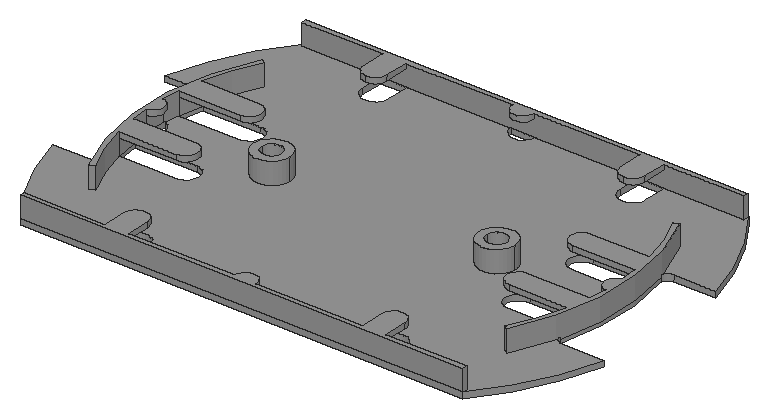
Revit family "ITK_Сплайс-кассета на 32 КДЗС", category Обобщенные модели, Revit 2019
Family settings
  Может служить основой для арматурных стержней = Нет
  Размер круглого соединителя = Использовать диаметр
  Тип детали = Нормальный
  На основе рабочей плоскости = Нет
  Всегда вертикально = Да
  При загрузке вырезать с полостями = Нет
  Общий = Нет
  Точка расчета площади = Нет
Parameters (values of type "FOSK-32")
  Ширина = 196 mm
  Степень защиты = ""
  Материал = Окраска - RAL 9005
  Изготовитель = "ITK"  # constant formula
  Дата изменения = ""
  Тип монтажа = ""  # constant formula
  Глубина = 127 mm
  Высота = 13.5 mm
  URL = "https://www.iek.ru/"
  KSI_CPr_Строительные изделия = "61.1.04.08"  # constant formula
  KSI_CMa_Строительные материалы = "01.7.14.03"  # constant formula
  IEK_Цена за единицу = 82.76
  IEK_Поиск в таблице имен = ""
  IEK_Описание = "Изготовлены из высококачественных материалов.\r\nСоответствие международным стандартам и ГОСТ Р."
  IEK_URL = "https://www.itk-group.ru/produktsiya/catalog/oborudovanie_telekommunikatsionnoe/komponenty_sks_opticheskie/komponenty_sks_opticheskie/opticheskie_krossy_19/itk_cplays_kasseta_na_32_kdzs"
  ADSK_Примечание = ""
  ADSK_Позиция [instance] = ""
  ADSK_Наименование = "IITK Cплайс-кассета на 32 КДЗС"
  ADSK_Материал обозначение = ""
  ADSK_Материал наименование = "Пластик"  # constant formula
  ADSK_Масса = 0
  ADSK_Марка = ""  # constant formula
  ADSK_Код изделия = "FOSK-32"
  ADSK_Завод-изготовитель = "IEK"  # constant formula
  ADSK_Единица измерения = "шт"  # constant formula
  ADSK_Группирование = "I. ЩИТЫ И ПУЛЬТЫ"  # constant formula
  ADSK_Версия семейства = "1.0"  # constant formula
  ADSK_Версия Revit = "2019"  # constant formula
  ADSK_URL страницы изделия = "https://www.itk-group.ru/produktsiya/catalog/oborudovanie_telekommunikatsionnoe/komponenty_sks_opticheskie/komponenty_sks_opticheskie/opticheskie_krossy_19/?pagec=30"
Reference planes
  plane 1 "По центру (Вперед/Назад)": y = 0
  plane 2: z = 0
  plane 3 "По центру (Влево/Вправо)": x = 0
  plane 4: y = 63.5
  plane 5: y = -63.5
  plane 6: x = -101.542
  plane 7: x = 101.542
  plane 8: z = 9.5
Forms (mm)
  Extrusion 1, solid, material "Окраска - RAL 9005" <- "Материал", detail levels fine
    sketch origin (0, 0, 0) x (1, 0, 0) y (0, 1, 0)
      loop
        arc (-78.541, 63.5) -> (-90.361, 45.335) -> (-97.857, 25) r 97.095
        line (-97.857, 25) -> (-83.005, 25)
        arc (-83.005, 25) -> (-81.123, 24.221) -> (-80.343, 22.339) r 2.661
        arc (-80.343, 22.339) -> (-83.445, 0) -> (-80.343, -22.339) r 81.996
        arc (-80.343, -22.339) -> (-81.123, -24.221) -> (-83.005, -25) r 2.661
        line (-83.005, -25) -> (-97.857, -25)
        arc (-97.857, -25) -> (-90.361, -45.335) -> (-78.541, -63.5) r 97.095
        line (-78.541, -63.5) -> (78.541, -63.5)
        arc (78.541, -63.5) -> (90.361, -45.335) -> (97.857, -25) r 97.095
        line (97.857, -25) -> (83.005, -25)
        arc (83.005, -25) -> (81.123, -24.221) -> (80.343, -22.339) r 2.661
        arc (80.343, -22.339) -> (83.445, 0) -> (80.343, 22.339) r 81.996
        arc (80.343, 22.339) -> (81.123, 24.221) -> (83.005, 25) r 2.661
        line (83.005, 25) -> (97.857, 25)
        arc (97.857, 25) -> (90.361, 45.335) -> (78.541, 63.5) r 97.095
        line (78.541, 63.5) -> (-78.541, 63.5)
      loop
        line (-59.15, -9.45) -> (-81.152, -9.45)
        arc (-81.152, -9.45) -> (-80.612, -14.201) -> (-79.496, -18.85) r 39.009
        line (-79.496, -18.85) -> (-59.15, -18.85)
        arc (-59.15, -18.85) -> (-54.45, -14.15) -> (-59.15, -9.45) r 4.7
      loop
        line (-81.152, 9.45) -> (-59.15, 9.45)
        arc (-59.15, 9.45) -> (-54.45, 14.15) -> (-59.15, 18.85) r 4.7
        line (-59.15, 18.85) -> (-79.496, 18.85)
        arc (-79.496, 18.85) -> (-80.612, 14.201) -> (-81.152, 9.45) r 39.009
      loop
        line (59.15, -18.85) -> (79.496, -18.85)
        arc (79.496, -18.85) -> (80.612, -14.201) -> (81.152, -9.45) r 39.009
        line (81.152, -9.45) -> (59.15, -9.45)
        arc (59.15, -9.45) -> (54.45, -14.15) -> (59.15, -18.85) r 4.7
      loop
        line (59.15, 9.45) -> (81.152, 9.45)
        arc (81.152, 9.45) -> (80.612, 14.201) -> (79.496, 18.85) r 39.009
        line (79.496, 18.85) -> (59.15, 18.85)
        arc (59.15, 18.85) -> (54.45, 14.15) -> (59.15, 9.45) r 4.7
      loop
        line (-50.45, 61.7) -> (-50.45, 53.25)
        arc (-50.45, 53.25) -> (-45.75, 48.55) -> (-41.05, 53.25) r 4.7
        line (-41.05, 53.25) -> (-41.05, 61.7) -> (-50.45, 61.7)
      loop
        line (50.45, 53.25) -> (50.45, 61.7) -> (41.05, 61.7) -> (41.05, 53.25)
        arc (41.05, 53.25) -> (45.75, 48.55) -> (50.45, 53.25) r 4.7
      loop
        line (-50.45, -53.25) -> (-50.45, -61.7) -> (-41.05, -61.7) -> (-41.05, -53.25)
        arc (-41.05, -53.25) -> (-45.75, -48.55) -> (-50.45, -53.25) r 4.7
      loop
        line (50.45, -61.7) -> (50.45, -53.25)
        arc (50.45, -53.25) -> (45.75, -48.55) -> (41.05, -53.25) r 4.7
        line (41.05, -53.25) -> (41.05, -61.7) -> (50.45, -61.7)
      loop
        arc (-4.4, 61.7) -> (0, 57.3) -> (4.4, 61.7) r 4.4
        line (4.4, 61.7) -> (-4.4, 61.7)
      loop
        line (-4.4, -61.7) -> (4.4, -61.7)
        arc (4.4, -61.7) -> (0, -57.3) -> (-4.4, -61.7) r 4.4
      loop
        arc (-81.569, -4.369) -> (-78.039, -0.013) -> (-81.569, 4.343) r 4.453
        arc (-81.569, 4.343) -> (-81.698, -0.013) -> (-81.569, -4.369) r 73.448
      loop
        arc (81.569, -4.369) -> (81.698, -0.013) -> (81.569, 4.343) r 73.448
        arc (81.569, 4.343) -> (78.039, -0.013) -> (81.569, -4.369) r 4.453
      loop
        circle (-40.012, 0) r 6.369
      loop
        circle (40.012, 0) r 6.369
    from 0 to 2
  Extrusion 2, solid, material "Окраска - RAL 9005" <- "Материал", detail levels fine
    sketch origin (0, 0, 0) x (1, 0, 0) y (0, 1, 0)
      loop
        line (3.85, 61.7) -> (41.6, 61.7) -> (41.6, 53.25)
        arc (41.6, 53.25) -> (42.816, 50.316) -> (45.75, 49.1) r 4.15
        arc (45.75, 49.1) -> (48.684, 50.316) -> (49.9, 53.25) r 4.15
        line (49.9, 53.25) -> (49.9, 61.7) -> (78.541, 61.7) -> (78.541, 63.5) -> (-78.541, 63.5) -> (-78.541, 61.7) -> (-49.9, 61.7) -> (-49.9, 53.25)
        arc (-49.9, 53.25) -> (-48.684, 50.316) -> (-45.75, 49.1) r 4.15
        arc (-45.75, 49.1) -> (-42.816, 50.316) -> (-41.6, 53.25) r 4.15
        line (-41.6, 53.25) -> (-41.6, 61.7) -> (-3.85, 61.7)
        arc (-3.85, 61.7) -> (0, 57.85) -> (3.85, 61.7) r 3.85
      loop
        arc (3.85, -61.7) -> (0, -57.85) -> (-3.85, -61.7) r 3.85
        line (-3.85, -61.7) -> (-41.6, -61.7) -> (-41.6, -53.25)
        arc (-41.6, -53.25) -> (-42.816, -50.316) -> (-45.75, -49.1) r 4.15
        arc (-45.75, -49.1) -> (-48.684, -50.316) -> (-49.9, -53.25) r 4.15
        line (-49.9, -53.25) -> (-49.9, -61.7) -> (-78.541, -61.7) -> (-78.541, -63.5) -> (78.541, -63.5) -> (78.541, -61.7) -> (49.9, -61.7) -> (49.9, -53.25)
        arc (49.9, -53.25) -> (48.684, -50.316) -> (45.75, -49.1) r 4.15
        arc (45.75, -49.1) -> (42.816, -50.316) -> (41.6, -53.25) r 4.15
        line (41.6, -53.25) -> (41.6, -61.7) -> (3.85, -61.7)
    from 2 to 9.5
  Extrusion 3, void
    sketch origin (0, 0, 0) x (0, 1, 0) y (0, 0, 1)
      loop
        line (49.1, 7.7) -> (49.1, 2) -> (61.7, 2) -> (61.7, 7.7) -> (49.1, 7.7)
      loop
        line (-49.1, 7.7) -> (-61.7, 7.7) -> (-61.7, 2) -> (-49.1, 2) -> (-49.1, 7.7)
    from -78.541 to 78.541
  Extrusion 4, solid, material "Окраска - RAL 9005" <- "Материал", detail levels fine
    sketch origin (0, 0, 0) x (1, 0, 0) y (0, 1, 0)
      loop
        line (-59.15, 18.3) -> (-79.624, 18.3)
        arc (-79.624, 18.3) -> (-76.722, 28.082) -> (-72.624, 37.425) r 81.7
        line (-72.624, 37.425) -> (-74.224, 38.25)
        arc (-74.224, 38.25) -> (-83.5, 0) -> (-74.224, -38.25) r 83.5
        line (-74.224, -38.25) -> (-72.624, -37.425)
        arc (-72.624, -37.425) -> (-76.722, -28.082) -> (-79.624, -18.3) r 81.7
        line (-79.624, -18.3) -> (-59.15, -18.3)
        arc (-59.15, -18.3) -> (-55, -14.15) -> (-59.15, -10) r 4.15
        line (-59.15, -10) -> (-81.086, -10)
        arc (-81.086, -10) -> (-81.409, -6.894) -> (-81.613, -3.779) r 81.7
        arc (-81.613, -3.779) -> (-78.5, 0) -> (-81.613, 3.779) r 3.85
        arc (-81.613, 3.779) -> (-81.409, 6.894) -> (-81.086, 10) r 81.7
        line (-81.086, 10) -> (-59.15, 10)
        arc (-59.15, 10) -> (-55, 14.15) -> (-59.15, 18.3) r 4.15
      loop
        arc (59.15, 18.3) -> (55, 14.15) -> (59.15, 10) r 4.15
        line (59.15, 10) -> (81.086, 10)
        arc (81.086, 10) -> (81.409, 6.894) -> (81.613, 3.779) r 81.7
        arc (81.613, 3.779) -> (78.5, 0) -> (81.613, -3.779) r 3.85
        arc (81.613, -3.779) -> (81.409, -6.894) -> (81.086, -10) r 81.7
        line (81.086, -10) -> (59.15, -10)
        arc (59.15, -10) -> (55, -14.15) -> (59.15, -18.3) r 4.15
        line (59.15, -18.3) -> (79.624, -18.3)
        arc (79.624, -18.3) -> (76.722, -28.082) -> (72.624, -37.425) r 81.7
        line (72.624, -37.425) -> (74.224, -38.25)
        arc (74.224, -38.25) -> (83.5, 0) -> (74.224, 38.25) r 83.5
        line (74.224, 38.25) -> (72.624, 37.425)
        arc (72.624, 37.425) -> (76.722, 28.082) -> (79.624, 18.3) r 81.7
        line (79.624, 18.3) -> (59.15, 18.3)
    from 9.5 to 1.5
  Extrusion 5, void
    sketch origin (0, 0, 0) x (1, 0, 0) y (0, 1, 0)
      loop
        arc (-79.494, 18.85) -> (-81.698, 0) -> (-79.494, -18.85) r 81.713
        line (-79.494, -18.85) -> (-51.859, -18.85) -> (-51.859, 18.85) -> (-79.494, 18.85)
      loop
        line (79.494, 18.85) -> (51.859, 18.85) -> (51.859, -18.85) -> (79.494, -18.85)
        arc (79.494, -18.85) -> (81.698, 0) -> (79.494, 18.85) r 81.713
    from 7.7 to 1.5
  Extrusion 6, solid, material "Окраска - RAL 9005" <- "Материал", detail levels fine
    sketch origin (0, 0, 0) x (1, 0, 0) y (0, 1, 0)
      loop
        circle (-40.012, 0) r 6.369
      loop
        circle (-40.012, 0) r 3.549
      loop
        circle (40.012, 0) r 6.369
      loop
        circle (40.012, 0) r 3.549
    from -2 to 9.5
  Extrusion 7, solid, material "Условный материал-отделка", detail levels coarse+medium
    sketch origin (0, 0, 0) x (1, 0, 0) y (0, 1, 0)
      loop
        line (-101.542, 63.5) -> (-101.542, -63.5) -> (101.542, -63.5) -> (101.542, 63.5) -> (-101.542, 63.5)
    from 0 to 13.5 <- "Высота"
Cuts and joins
  Extrusion 3 cuts Extrusion 1
  Extrusion 3 cuts Extrusion 2
  Extrusion 5 cuts Extrusion 4
Dimensions and locks
  plane 6 to plane 7 = 203.084 mm
  equal spacing: plane 5, plane 1 "По центру (Вперед/Назад)", plane 4
  "Глубина": plane 5 to plane 4
  aligned and locked: level to plane 2
Automatic sketch dimensions
  plane 5 to Extrusion 1 sketch curve = 0 mm
  Extrusion 1 sketch curve to plane 4 = 0 mm
  plane 1 "По центру (Вперед/Назад)" to Extrusion 1 sketch curve = 0 mm  (x4)
  Extrusion 1 sketch curve to plane 3 "По центру (Влево/Вправо)" = 0 mm  (x2)
  Extrusion 1 sketch curve to plane 3 "По центру (Влево/Вправо)" = 1.449 mm
  Extrusion 1 sketch curve to Extrusion 1 sketch curve = 2.127 mm  (x4)
  Extrusion 1 sketch curve to plane 5 = 1.8 mm  (x3)
  Extrusion 1 sketch curve to plane 3 "По центру (Влево/Вправо)" = 4.4 mm  (x2)
  Extrusion 1 sketch curve to plane 4 = 1.8 mm  (x3)
  plane 1 "По центру (Вперед/Назад)" to Extrusion 1 sketch curve = 0.013 mm  (x4)
  Extrusion 1 sketch curve to Extrusion 1 sketch curve = 4.675 mm  (x2)
  Extrusion 1 sketch curve to Extrusion 1 sketch curve = 31.762 mm  (x2)
  Extrusion 1 sketch curve to plane 4 = 10.25 mm
  Extrusion 1 sketch curve to Extrusion 1 sketch curve = 36.65 mm  (x4)
  Extrusion 1 sketch curve to Extrusion 1 sketch curve = 2.183 mm  (x4)
  Extrusion 1 sketch curve to Extrusion 1 sketch curve = 4.7 mm  (x6)
  Extrusion 1 sketch curve to Extrusion 1 sketch curve = 16.955 mm  (x4)
  plane 6 to Extrusion 1 sketch curve = 23.001 mm  (x2)
  Extrusion 1 sketch curve to Extrusion 1 sketch curve = 20.346 mm  (x4)
  Extrusion 1 sketch curve to Extrusion 1 sketch curve = 1.656 mm  (x4)
  Extrusion 1 sketch curve to Extrusion 1 sketch curve = 1.34 mm  (x2)
  Extrusion 1 sketch curve to Extrusion 1 sketch curve = 3.509 mm  (x4)
  plane 6 to Extrusion 1 sketch curve = 3.685 mm  (x2)
  plane 3 "По центру (Влево/Вправо)" to Extrusion 1 sketch curve = 1.449 mm
  Extrusion 1 sketch curve to plane 1 "По центру (Вперед/Назад)" = 9.45 mm  (x2)
  plane 7 to Extrusion 1 sketch curve = 23.001 mm  (x2)
  plane 7 to Extrusion 1 sketch curve = 3.685 mm  (x2)
  Extrusion 1 sketch curve to Extrusion 1 sketch curve = 8.45 mm  (x3)
  plane 1 "По центру (Вперед/Назад)" to Extrusion 1 sketch curve = 25 mm  (x2)
  Extrusion 1 sketch curve to Extrusion 1 sketch curve = 2.661 mm  (x2)
  Extrusion 1 sketch curve to Extrusion 1 sketch curve = 3.489 mm
  plane 1 "По центру (Вперед/Назад)" to Extrusion 1 sketch curve = 18.85 mm
  Extrusion 1 sketch curve to plane 1 "По центру (Вперед/Назад)" = 1.794 mm  (x2)
  Extrusion 1 sketch curve to plane 1 "По центру (Вперед/Назад)" = 7.433 mm  (x2)
  Extrusion 1 sketch curve to Extrusion 1 sketch curve = 0.923 mm  (x2)
  plane 1 "По центру (Вперед/Назад)" to Extrusion 1 sketch curve = 4.369 mm  (x2)
  Extrusion 2 sketch curve to Extrusion 2 sketch curve = 0 mm  (x8)
  plane 5 to Extrusion 2 sketch curve = 0 mm
  Extrusion 2 sketch curve to plane 4 = 0 mm
  Extrusion 2 sketch curve to plane 3 "По центру (Влево/Вправо)" = 0 mm  (x2)
  Extrusion 2 sketch curve to plane 4 = 1.8 mm  (x3)
  Extrusion 2 sketch curve to plane 3 "По центру (Влево/Вправо)" = 3.85 mm  (x2)
  Extrusion 2 sketch curve to plane 5 = 1.8 mm  (x3)
  Extrusion 2 sketch curve to Extrusion 2 sketch curve = 37.75 mm  (x4)
  Extrusion 2 sketch curve to plane 5 = 10.25 mm
  Extrusion 2 sketch curve to Extrusion 2 sketch curve = 4.15 mm  (x4)
  plane 6 to Extrusion 2 sketch curve = 23.001 mm  (x2)
  plane 7 to Extrusion 2 sketch curve = 23.001 mm  (x2)
  Extrusion 2 sketch curve to Extrusion 2 sketch curve = 8.45 mm  (x3)
  Extrusion 3 sketch curve to plane 5 = 1.8 mm
  level to Extrusion 3 sketch curve = 2 mm  (x2)
  Extrusion 3 sketch curve to Extrusion 3 sketch curve = 12.6 mm
  Extrusion 3 sketch curve to plane 4 = 14.4 mm
  Extrusion 3 sketch curve to plane 4 = 1.8 mm
  Extrusion 3 sketch curve to Extrusion 3 sketch curve = 5.7 mm  (x2)
  Extrusion 4 sketch curve to Extrusion 4 sketch curve = 0 mm  (x92)
  plane 1 "По центру (Вперед/Назад)" to Extrusion 4 sketch curve = 0 mm  (x3)
  Extrusion 4 sketch curve to plane 3 "По центру (Влево/Вправо)" = 0 mm
  plane 1 "По центру (Вперед/Назад)" to Extrusion 4 sketch curve = 10 mm  (x2)
  plane 6 to Extrusion 4 sketch curve = 42.392 mm
  Extrusion 4 sketch curve to Extrusion 4 sketch curve = 13.474 mm  (x4)
  Extrusion 4 sketch curve to Extrusion 4 sketch curve = 1.6 mm  (x4)
  Extrusion 4 sketch curve to Extrusion 4 sketch curve = 7 mm  (x4)
  Extrusion 4 sketch curve to Extrusion 4 sketch curve = 1.462 mm  (x4)
  Extrusion 4 sketch curve to Extrusion 4 sketch curve = 1.264 mm  (x2)
  Extrusion 4 sketch curve to plane 1 "По центру (Вперед/Назад)" = 18.3 mm
  plane 7 to Extrusion 4 sketch curve = 42.392 mm
  Extrusion 4 sketch curve to Extrusion 4 sketch curve = 4.15 mm  (x3)
  Extrusion 4 sketch curve to Extrusion 4 sketch curve = 0.825 mm  (x2)
  Extrusion 4 sketch curve to Extrusion 4 sketch curve = 8.3 mm
  Extrusion 4 sketch curve to plane 1 "По центру (Вперед/Назад)" = 10 mm
  plane 1 "По центру (Вперед/Назад)" to Extrusion 4 sketch curve = 3.779 mm  (x2)
  plane 1 "По центру (Вперед/Назад)" to Extrusion 5 sketch curve = 0 mm  (x2)
  plane 6 to Extrusion 5 sketch curve = 22.048 mm
  plane 1 "По центру (Вперед/Назад)" to Extrusion 5 sketch curve = 18.85 mm  (x2)
  Extrusion 5 sketch curve to Extrusion 5 sketch curve = 0 mm
  Extrusion 5 sketch curve to Extrusion 5 sketch curve = 27.635 mm  (x2)
  Extrusion 5 sketch curve to plane 3 "По центру (Влево/Вправо)" = 0.014 mm
  plane 3 "По центру (Влево/Вправо)" to Extrusion 5 sketch curve = 0.014 mm
  plane 7 to Extrusion 5 sketch curve = 49.683 mm
  plane 7 to Extrusion 5 sketch curve = 22.048 mm
  Extrusion 6 sketch curve to Extrusion 6 sketch curve = 0 mm  (x12)
  plane 1 "По центру (Вперед/Назад)" to Extrusion 6 sketch curve = 0 mm  (x2)
  Extrusion 6 sketch curve to plane 3 "По центру (Влево/Вправо)" = 40.012 mm
  plane 3 "По центру (Влево/Вправо)" to Extrusion 6 sketch curve = 40.012 mm
  Extrusion 6 sketch curve to Extrusion 6 sketch curve = 6.369 mm  (x2)
  plane 5 to Extrusion 7 sketch curve = 0 mm
  Extrusion 7 sketch curve to plane 6 = 0 mm
  Extrusion 7 sketch curve to plane 7 = 0 mm
  Extrusion 7 sketch curve to plane 4 = 0 mm
  radius of Extrusion 1 sketch curve = 6.369 mm  (x2)
  radius of Extrusion 6 sketch curve = 3.549 mm  (x2)
